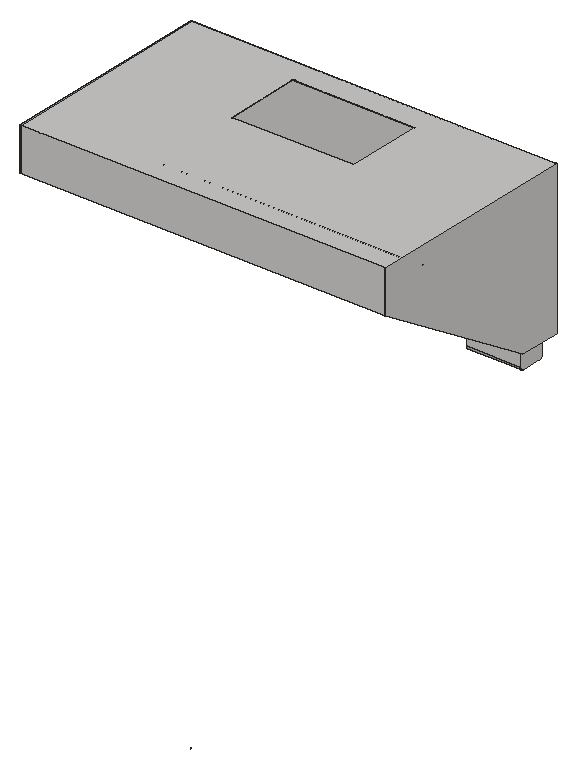
Revit family "QF_ELECTROLUXPROFESSIONAL_642278_MP712DT", category Specialty Equipment, Revit 2014
Reference planes
  plane 1: z = 0
  plane 2 "Center (Left/Right)": x = 150
  plane 3 "LEFT": x = -450
  plane 4 "RIGHT": x = 750
  plane 5 "BACK": y = 550
  plane 6 "Plane": z = 2000
  plane 7 "TOP": z = 2140
  plane 8 "Base": z = 1640
  plane 9: z = 1566
  plane 10 "DrainY": y = 485
  plane 11: x = -447
  plane 12: through (0, 414.509, 1640.8) normal (0, 0.7314, 0.682)
  plane 13: y = 470
  plane 14: y = 220
  plane 15 "DrainX": x = 630
  plane 16: x = -50
  plane 17: x = 350
  plane 18: x = 747
  plane 19: x = 540
  plane 20: x = 720
  plane 21: x = -410
  plane 22: x = 710
  plane 23: x = -47.5
  plane 24: x = 347.5
  plane 25 "Center (Front/Back)": y = 200
  plane 26 "Front": y = -150
Forms (mm)
  Extrusion 1, solid, material "QF_Finishes_Stainless Steel"
    sketch origin (-450, 0, 0) x (0, 1, 0) y (0, 0, 1)
      loop
        line (550, 1640) -> (550, 2140) -> (-150, 2140) -> (-150, 1999.112) -> (413.973, 1640) -> (550, 1640)
    from 0 to 3
  Extrusion 2, solid, material "QF_Finishes_Stainless Steel"
    sketch origin (150, 0, 0) x (0, 1, 0) y (0, 0, 1)
      loop
        line (415.255, 1640) -> (550, 1640) -> (550, 2139.19) -> (549.2, 2139.19) -> (549.2, 1640.8) -> (415.876, 1640.8) -> (339.347, 1722.867) -> (349.609, 1732.436) -> (348.927, 1733.167) -> (337.934, 1722.917) -> (415.255, 1640)
      loop
        line (-82.203, 2139.19) -> (-82.203, 2118.6) -> (-31.047, 2118.6) -> (34.354, 2048.466) -> (46.028, 2059.352) -> (45.346, 2060.083) -> (34.403, 2049.879) -> (-30.612, 2119.6) -> (-81.203, 2119.6) -> (-81.203, 2139.19) -> (-82.203, 2139.19)
    from -597 to 597
  Extrusion 3, solid, material "QF_Finishes_Stainless Steel"
    sketch origin (750, 0, 0) x (0, 1, 0) y (0, 0, 1)
      loop
        line (550, 1640) -> (550, 2140) -> (-150, 2140) -> (-150, 1999.112) -> (413.973, 1640) -> (550, 1640)
    from 0 to -3
  Extrusion 4, solid, material "QF_Finishes_Stainless Steel"
    sketch origin (150, 0, 0) x (0, 1, 0) y (0, 0, 1)
      loop
        line (-150, 2140) -> (-150, 2000) -> (-149.2, 2000) -> (-149.2, 2139.19) -> (550, 2139.19) -> (550, 2140) -> (-150, 2140)
    from -600 to 600
  Extrusion 5, solid, material "QF_Finishes_Stainless Steel"
    sketch origin (150, 0, 0) x (0, 1, 0) y (0, 0, 1)
      loop
        line (534, 1640) -> (436, 1640) -> (436, 1627) -> (443.5, 1627) -> (443.5, 1576)
        arc (443.5, 1576) -> (446.429, 1568.929) -> (453.5, 1566) r 10
        line (453.5, 1566) -> (516.5, 1566)
        arc (516.5, 1566) -> (523.571, 1568.929) -> (526.5, 1576) r 10
        line (526.5, 1576) -> (526.5, 1627) -> (534, 1627) -> (534, 1640)
    from 390 to 570
  Extrusion 6, solid, material "QF_Finishes_Stainless Steel"
    sketch origin (0, 0, 1640) x (0, 1, 0) y (-1, 0, 0)
      loop
        circle (485, -630) r 20
    from -76 to -74
  Extrusion 7, solid, material "QF_Finished_Chrome"
    sketch origin (150, 0, 0) x (0, 1, 0) y (0, 0, 1)
      loop
        line (337.934, 1722.917) -> (341.591, 1726.327) -> (38.011, 2051.876) -> (34.354, 2048.466) -> (337.934, 1722.917)
    from -197.5 to -560
  Extrusion 8, solid, material "QF_Finishes_Stainless Steel"
    sketch origin (150, 0, 0) x (0, 1, 0) y (0, 0, 1)
      loop
        line (337.934, 1722.917) -> (341.591, 1726.327) -> (38.011, 2051.876) -> (34.354, 2048.466) -> (337.934, 1722.917)
    from 597 to 560
  Extrusion 9, solid, material "QF_Finished_Chrome"
    sketch origin (150, 0, 0) x (0, 1, 0) y (0, 0, 1)
      loop
        line (341.588, 1726.324) -> (38.009, 2051.874) -> (34.354, 2048.466) -> (337.934, 1722.917) -> (341.588, 1726.324)
    from 197.5 to 560
  Extrusion 10, void
    sketch origin (0, 0, 2140) x (0, 1, 0) y (-1, 0, 0)
      loop
        line (470, -350) -> (470, 50) -> (220, 50) -> (220, -350) -> (470, -350)
    from 0 to -10
  Extrusion 11, solid, material "QF_Finishes_Stainless Steel"
    sketch origin (0, 0, 0) x (1, 0, 0) y (0, 1, 0)
      loop
        line (-450, 550) -> (-450, 549) -> (-449, 549) -> (-449, 550) -> (-450, 550)
    from 0 to 1
  Extrusion 12, solid, material "QF_Finishes_Stainless Steel"
    sketch origin (150, 0, 0) x (0, 1, 0) y (0, 0, 1)
      loop
        line (337.934, 1722.917) -> (341.591, 1726.327) -> (38.011, 2051.876) -> (34.354, 2048.466) -> (337.934, 1722.917)
    from -560 to -597
  Extrusion 13, solid, material "QF_Finishes_Stainless Steel"
    sketch origin (150, 0, 0) x (0, 1, 0) y (0, 0, 1)
      loop
        line (337.934, 1722.917) -> (341.591, 1726.327) -> (38.011, 2051.876) -> (34.354, 2048.466) -> (337.934, 1722.917)
    from 197.5 to -197.5
Cuts and joins
  Extrusion 10 cuts Extrusion 4
  joined: Extrusion 2, Extrusion 4
Lines and regions (mm)
  reference lines
    curve 1: line (150, 34.354, 2048.466) -> (150, 34.354, 1888.466)
  symbolic lines, style "SpecialityEquipment", detail levels coarse
    curve 2: line (750, 550, 2140) -> (-450, 550, 2140)
    curve 3: line (-450, 550, 2140) -> (-450, -150, 2140)
    curve 4: line (750, -150, 2140) -> (750, 550, 2140)
    curve 5: line (-450, -150, 2140) -> (750, -150, 2140)
    curve 6: line (350, 220, 2140) -> (-50, 220, 2140)
    curve 7: line (350, 470, 2140) -> (350, 220, 2140)
    curve 8: line (-50, 470, 2140) -> (350, 470, 2140)
    curve 9: line (-50, 220, 2140) -> (-50, 470, 2140)
    curve 10: line (-450, -150, 0) -> (750, 550, 0)
    curve 11: line (750, -150, 0) -> (-450, 550, 0)
Dimensions and locks
  plane 3 "LEFT" to plane 4 "RIGHT" = 1200 mm
  equal spacing: plane 3 "LEFT", plane 2 "Center (Left/Right)", plane 4 "RIGHT"
  locked: plane 6 "Plane" to level at 2000
  plane 7 "TOP" to plane 6 "Plane" = 140 mm
  locked: plane 7 "TOP" to plane 8 "Base" at 500
  plane 8 "Base" to plane 9 = 74 mm
  plane 5 "BACK" to plane 10 "DrainY" = 65 mm  (x2)
  plane 3 "LEFT" to plane 11 = 3 mm
  plane 5 "BACK" to plane 13 = 80 mm
  plane 13 to plane 14 = 250 mm  (x2)
  plane 15 "DrainX" to plane 4 "RIGHT" = 120 mm
  plane 18 to plane 4 "RIGHT" = 3 mm
  locked: plane 19 to plane 15 "DrainX" at 90
  locked: plane 15 "DrainX" to plane 20 at 90
  plane 13 to plane 5 "BACK" = 80 mm
  locked: plane 3 "LEFT" to plane 21 at 40
  locked: plane 22 to plane 4 "RIGHT" at 40
  locked: plane 23 to plane 24 at 395
  equal spacing: plane 23, plane 2 "Center (Left/Right)", plane 24
  locked: plane 16 to plane 17 at 400
  equal spacing: plane 16, plane 2 "Center (Left/Right)", plane 17
  locked: plane 5 "BACK" to plane 26 "Front" at 700
  equal spacing: plane 5 "BACK", plane 25 "Center (Front/Back)", plane 26 "Front"
  plane 5 "BACK" to plane 26 "Front" = 700 mm
  aligned and locked: level to plane 1
  aligned and locked: Extrusion 2 to Extrusion 1
  aligned and locked: Extrusion 2 to Extrusion 3
  aligned and locked: plane 4 "RIGHT" to Extrusion 4
  aligned and locked: Extrusion 4 to plane 3 "LEFT"
  aligned and locked: plane 18 to Extrusion 8
  aligned and locked: Extrusion 10 to plane 16
  aligned and locked: Extrusion 10 to plane 14
  aligned and locked: Extrusion 10 to plane 13
  aligned and locked: Extrusion 2 to Extrusion 4
  aligned and locked: plane 20 to Extrusion 5
  aligned and locked: Extrusion 5 to plane 19
  aligned and locked: Extrusion 8 to plane 22
  aligned and locked: Extrusion 9 to plane 22
  aligned and locked: Extrusion 7 to plane 21
  aligned and locked: Extrusion 12 to plane 11
  aligned and locked: plane 21 to Extrusion 12
  aligned and locked: Extrusion 3 to plane 18
  aligned and locked: Extrusion 10 to plane 17
  aligned and locked: plane 17 to curve 7
  aligned and locked: plane 24 to Extrusion 13
  aligned and locked: Extrusion 13 to plane 23
  aligned and locked: Extrusion 9 to plane 24
Automatic sketch dimensions
  curve 5 to plane 4 "RIGHT" = 0 mm
  curve 6 to plane 14 = 0 mm
  plane 13 to curve 8 = 0 mm
  curve 3 to plane 3 "LEFT" = 0 mm
  curve 3 to plane 5 "BACK" = 0 mm
  curve 6 to plane 16 = 0 mm
  Extrusion 2 sketch curve to plane 12 = 0 mm  (x3)
  Extrusion 2 sketch curve to plane 8 "Base" = 0 mm
  plane 12 to Extrusion 2 sketch curve = 0 mm
  Extrusion 2 sketch curve to plane 5 "BACK" = 0 mm
  Extrusion 2 sketch curve to Extrusion 2 sketch curve = 65.646 mm
  Extrusion 2 sketch curve to Extrusion 2 sketch curve = 0.682 mm  (x2)
  Extrusion 2 sketch curve to Extrusion 2 sketch curve = 10.261 mm
  plane 8 "Base" to Extrusion 2 sketch curve = 82.917 mm
  Extrusion 2 sketch curve to Extrusion 2 sketch curve = 10.942 mm
  Extrusion 2 sketch curve to Extrusion 2 sketch curve = 0.049 mm
  Extrusion 2 sketch curve to plane 7 "TOP" = 20.4 mm
  Extrusion 2 sketch curve to plane 7 "TOP" = 21.4 mm
  Extrusion 2 sketch curve to plane 7 "TOP" = 0.81 mm  (x2)
  Extrusion 2 sketch curve to Extrusion 2 sketch curve = 50.156 mm
  Extrusion 2 sketch curve to Extrusion 2 sketch curve = 1 mm
  plane 8 "Base" to Extrusion 2 sketch curve = 0.8 mm
  Extrusion 2 sketch curve to plane 5 "BACK" = 0.8 mm
  Extrusion 3 sketch curve to plane 8 "Base" = 0 mm
  Extrusion 3 sketch curve to plane 5 "BACK" = 0 mm
  Extrusion 3 sketch curve to plane 7 "TOP" = 0 mm
  plane 13 to Extrusion 3 sketch curve = 56.027 mm
  Extrusion 3 sketch curve to plane 6 "Plane" = 0.888 mm
  Extrusion 4 sketch curve to plane 6 "Plane" = 0 mm
  Extrusion 4 sketch curve to plane 5 "BACK" = 0 mm
  Extrusion 4 sketch curve to plane 7 "TOP" = 0 mm
  Extrusion 4 sketch curve to plane 7 "TOP" = 0.81 mm
  curve 1 to plane 12 = 0 mm
  curve 1 to plane 6 "Plane" = 111.534 mm
  Extrusion 5 sketch curve to plane 8 "Base" = 0 mm
  Extrusion 5 sketch curve to plane 9 = 0 mm
  Extrusion 5 sketch curve to plane 8 "Base" = 13 mm  (x2)
  plane 13 to Extrusion 5 sketch curve = 34 mm
  Extrusion 5 sketch curve to Extrusion 5 sketch curve = 7.5 mm  (x2)
  Extrusion 5 sketch curve to Extrusion 5 sketch curve = 10 mm
  plane 10 "DrainY" to Extrusion 5 sketch curve = 31.5 mm
  Extrusion 5 sketch curve to plane 5 "BACK" = 23.5 mm
  Extrusion 6 sketch curve to plane 10 "DrainY" = 0 mm
  Extrusion 6 sketch curve to plane 15 "DrainX" = 0 mm
  Extrusion 7 sketch curve to plane 12 = 0 mm  (x2)
  Extrusion 7 sketch curve to Extrusion 7 sketch curve = 3.657 mm
  plane 8 "Base" to Extrusion 7 sketch curve = 82.917 mm
  Extrusion 8 sketch curve to plane 12 = 0 mm  (x2)
  Extrusion 8 sketch curve to Extrusion 8 sketch curve = 3.657 mm
  plane 8 "Base" to Extrusion 8 sketch curve = 82.917 mm
  Extrusion 9 sketch curve to plane 12 = 0 mm  (x2)
  Extrusion 9 sketch curve to Extrusion 9 sketch curve = 3.655 mm
  plane 8 "Base" to Extrusion 9 sketch curve = 82.917 mm
  Extrusion 10 sketch curve to plane 14 = 0 mm
  plane 13 to Extrusion 10 sketch curve = 0 mm
  Extrusion 10 sketch curve to plane 17 = 0 mm
  Extrusion 10 sketch curve to plane 16 = 0 mm
  Extrusion 11 sketch curve to plane 3 "LEFT" = 0 mm
  Extrusion 11 sketch curve to plane 5 "BACK" = 0 mm
  plane 3 "LEFT" to Extrusion 11 sketch curve = 1 mm
  Extrusion 11 sketch curve to Extrusion 11 sketch curve = 1 mm
  Extrusion 12 sketch curve to plane 12 = 0 mm  (x2)
  Extrusion 12 sketch curve to Extrusion 12 sketch curve = 3.657 mm
  plane 8 "Base" to Extrusion 12 sketch curve = 82.917 mm
  Extrusion 13 sketch curve to plane 12 = 0 mm  (x2)
  Extrusion 13 sketch curve to Extrusion 13 sketch curve = 3.657 mm
  plane 8 "Base" to Extrusion 13 sketch curve = 82.917 mm
  Extrusion 4 sketch curve to Extrusion 4 sketch curve = 0.8 mm
  curve 5 to plane 14 = 370 mm
  plane 6 "Plane" to Extrusion 2 sketch curve = 48.466 mm
  Extrusion 3 sketch curve to plane 14 = 370 mm
  Extrusion 4 sketch curve to plane 14 = 369.2 mm
  curve 1 to plane 14 = 185.646 mm
  plane 6 "Plane" to Extrusion 7 sketch curve = 51.876 mm
  plane 6 "Plane" to Extrusion 8 sketch curve = 51.876 mm
  plane 6 "Plane" to Extrusion 9 sketch curve = 51.874 mm
  plane 6 "Plane" to Extrusion 12 sketch curve = 51.876 mm
  plane 6 "Plane" to Extrusion 13 sketch curve = 51.876 mm
  Extrusion 1 sketch curve to plane 26 "Front" = 0 mm
  Extrusion 1 sketch curve to plane 8 "Base" = 0 mm
  Extrusion 1 sketch curve to plane 5 "BACK" = 0 mm
  Extrusion 1 sketch curve to plane 7 "TOP" = 0 mm
  plane 13 to Extrusion 1 sketch curve = 56.027 mm
  Extrusion 1 sketch curve to plane 6 "Plane" = 0.888 mm
  curve 11 to plane 3 "LEFT" = 0 mm
  curve 10 to plane 3 "LEFT" = 0 mm
  curve 11 to plane 4 "RIGHT" = 0 mm
  curve 10 to plane 4 "RIGHT" = 0 mm
  curve 11 to plane 26 "Front" = 0 mm
  curve 10 to plane 26 "Front" = 0 mm
  curve 11 to plane 5 "BACK" = 0 mm
  curve 10 to plane 5 "BACK" = 0 mm
  radius of Extrusion 6 sketch curve = 20 mm
Connectors
  piping at (630, 485, 1564), diameter 20
    settings: on Extrusion 6, index 1, connector inside diameter 609.6 mm, connector length 0 mm, flow factor 0, pipe flow 0.0 L/s, pressure drop 0.0 Pa, fitting loss kfactor 0, connector angle 0.00°, fixture units 0, engagement length 0 mm, angle of deflection 0.00°, flow configuration 1, flow direction 2, fitting loss method 0, system type 16, joint type 0, gender type 0, connector reference index -1, connector utility 0, adjustable connector no, is connector primary yes, connector description "Drain"
  hvac at (150, 345, 2140)
    settings: on Extrusion 10, index 2, duct flow 0.0 L/s, flow factor 0, pres drop 0.0 Pa, loss coef 0, conn angle 0.00°, conn width 250 mm, conn height 400 mm, conn diameter 609.6 mm, duct sys type 3, conn prof type 1, flow config 0, flow direction 2, loss method 0, conn ref index -1, conn util no, is conn primary yes, conn desc "EXHAUST OUTLET"
